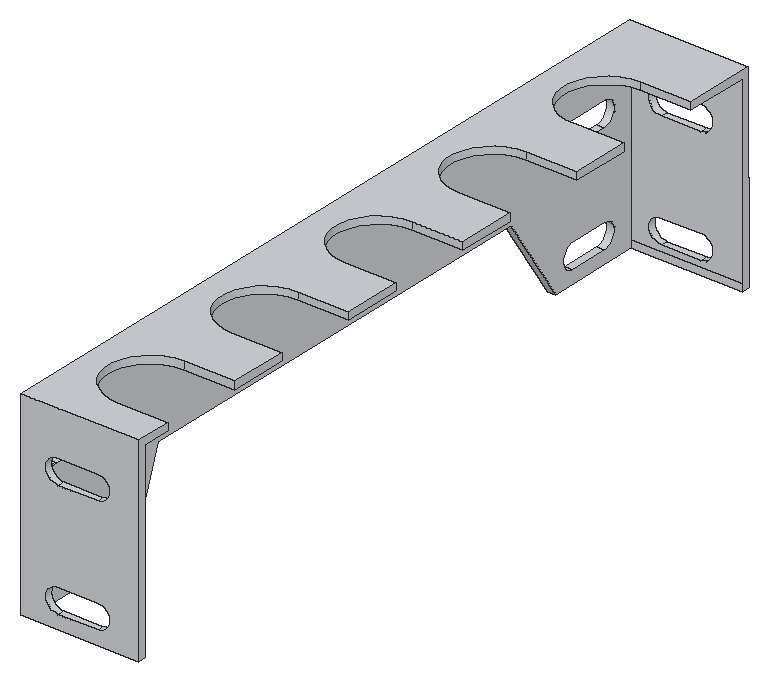
Revit family
Parameters
  Material ID = "760058701 "
  Description = "SYSTIMAX InstaPATCH PLUS CABLE ATTATTACHMENT BRACKETS"
Reference planes (in)
  plane 1 "Center (Front/Back)": y = 0
  plane 2: z = 0
  plane 3 "Center (Left/Right)": x = 0
Forms (in)
  Extrusion 1, solid
    sketch origin (0, 0, 0) x (1, 0, 0) y (0, 0, 1)
      loop
        line (-0.6, 1) -> (-0.6, -1) -> (0.6, -1) -> (0.6, 1) -> (-0.6, 1)
    from 0 to 7.68
  Extrusion 2, void
    sketch origin (0, 0, 0) x (0, 1, 0) y (0, 0, 1)
      loop
        line (-0.0747, 0.9253) -> (-7.61, 0.9253) -> (-7.61, -1.3247) -> (-0.0747, -1.3247) -> (-0.0747, -0.9253) -> (-0.0747, 0.9253)
    from -0.52087 to 12
  Extrusion 3, void
    sketch origin (0, 0, 0) x (1, 0, 0) y (0, 1, 0)
      loop
        line (0.08413, -7.32) -> (0.66933, -7.32) -> (0.66933, -6.47) -> (0.08413, -6.47)
        arc (0.08413, -6.47) -> (-0.34087, -6.895) -> (0.08413, -7.32) r 0.425
    from 0 to 12
  Extrusion 4, void
    sketch origin (0, 0, 0) x (0, 1, 0) y (0, 0, 1)
      loop
        line (-6.49859, -1.38079) -> (-0.78221, -1.38079) -> (-1.59397, -0.13079) -> (-6.04363, -0.13079) -> (-6.49859, -1.38079)
    from 0 to -4.7334
  Extrusion 5, void
    sketch origin (0, 0, 0) x (1, 0, 0) y (0, 0, 1)
      loop
        arc (-0.219, 0.55188) -> (-0.344, 0.42688) -> (-0.219, 0.30188) r 0.125
        line (-0.219, 0.30188) -> (0.181, 0.30188)
        arc (0.181, 0.30188) -> (0.306, 0.42688) -> (0.181, 0.55188) r 0.125
        line (0.181, 0.55188) -> (-0.219, 0.55188)
      loop
        arc (-0.219, -0.61392) -> (-0.344, -0.73892) -> (-0.219, -0.86392) r 0.125
        line (-0.219, -0.86392) -> (0.181, -0.86392)
        arc (0.181, -0.86392) -> (0.306, -0.73892) -> (0.181, -0.61392) r 0.125
        line (0.181, -0.61392) -> (-0.219, -0.61392)
    from 0 to 12
  Extrusion 6, void
    sketch origin (0, 0, 0) x (0, 1, 0) y (0, 0, 1)
      loop
        arc (-7.31, 0.48569) -> (-7.435, 0.36069) -> (-7.31, 0.23569) r 0.125
        line (-7.31, 0.23569) -> (-6.91, 0.23569)
        arc (-6.91, 0.23569) -> (-6.785, 0.36069) -> (-6.91, 0.48569) r 0.125
        line (-6.91, 0.48569) -> (-7.31, 0.48569)
      loop
        arc (-7.31, -0.61788) -> (-7.435, -0.74288) -> (-7.31, -0.86788) r 0.125
        line (-7.31, -0.86788) -> (-6.91, -0.86788)
        arc (-6.91, -0.86788) -> (-6.785, -0.74288) -> (-6.91, -0.61788) r 0.125
        line (-6.91, -0.61788) -> (-7.31, -0.61788)
      loop
        arc (-0.81, 0.48569) -> (-0.935, 0.36069) -> (-0.81, 0.23569) r 0.125
        line (-0.81, 0.23569) -> (-0.41, 0.23569)
        arc (-0.41, 0.23569) -> (-0.285, 0.36069) -> (-0.41, 0.48569) r 0.125
        line (-0.41, 0.48569) -> (-0.81, 0.48569)
      loop
        arc (-0.81, -0.61788) -> (-0.935, -0.74288) -> (-0.81, -0.86788) r 0.125
        line (-0.81, -0.86788) -> (-0.41, -0.86788)
        arc (-0.41, -0.86788) -> (-0.285, -0.74288) -> (-0.41, -0.61788) r 0.125
        line (-0.41, -0.61788) -> (-0.81, -0.61788)
    from 0 to -3.73625
  Extrusion 7, void
    sketch origin (0, 1.437, 0) x (1, 0, 0) y (0, 1, 0)
      loop
        line (0.08413, -7.32) -> (0.66933, -7.32) -> (0.66933, -6.47) -> (0.08413, -6.47)
        arc (0.08413, -6.47) -> (-0.34087, -6.895) -> (0.08413, -7.32) r 0.425
    from 0 to 12
  Extrusion 8, void
    sketch origin (0, 2.874, 0) x (1, 0, 0) y (0, 1, 0)
      loop
        line (0.08413, -7.32) -> (0.66933, -7.32) -> (0.66933, -6.47) -> (0.08413, -6.47)
        arc (0.08413, -6.47) -> (-0.34087, -6.895) -> (0.08413, -7.32) r 0.425
    from 0 to 12
  Extrusion 9, void
    sketch origin (0, 4.311, 0) x (1, 0, 0) y (0, 1, 0)
      loop
        line (0.08413, -7.32) -> (0.66933, -7.32) -> (0.66933, -6.47) -> (0.08413, -6.47)
        arc (0.08413, -6.47) -> (-0.34087, -6.895) -> (0.08413, -7.32) r 0.425
    from 0 to 12
  Extrusion 10, void
    sketch origin (0, 5.748, 0) x (1, 0, 0) y (0, 1, 0)
      loop
        line (0.08413, -7.32) -> (0.66933, -7.32) -> (0.66933, -6.47) -> (0.08413, -6.47)
        arc (0.08413, -6.47) -> (-0.34087, -6.895) -> (0.08413, -7.32) r 0.425
    from 0 to 12
Cuts and joins
  Extrusion 2, Extrusion 3, Extrusion 4, Extrusion 5, Extrusion 6, Extrusion 7, Extrusion 8, Extrusion 9, Extrusion 10 cuts Extrusion 1
Dimensions and locks (in)
  equal spacing: group 1, group 2, group 3, group 4, group 5  (x3)
